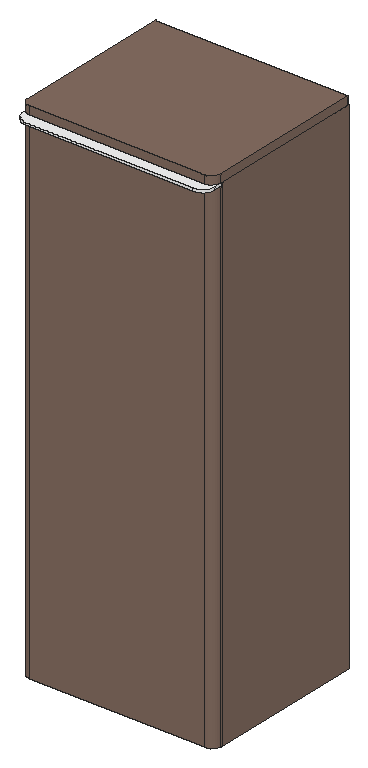
Revit family "mid-height cabinet, door hinge", category Furniture, Revit 2019 (continued)
Definition of nested family "mid-height cabinet 400_350, door hinge left-54127700-high gloss white-matt_white-400_content"
  Parameters (values of type "Mid-height cabinet 400_350, door hinge left-54127700-High Gloss White-MATT_WHITE-400_Content")
    ETIM = "EC011381 | Bathroom furniture set"
    Default Elevation = 1219.2 mm
    DESIGN = "Germany"
    ContentVisible [instance] = yes
    CATALOG = "Hansgrohe"
    BIMOBJECT = "Sanitary: Compound units"
    BASENUMBER = "Mid-height cabinet 400/350, door hinge left"
    ARTNR = "54127700"
  Reference planes
    plane 1 "Center (Front/Back)": y = 0
    plane 2: z = 0
    plane 3 "Center (Left/Right)": x = 0
  Forms (mm)
    Extrusion 1, solid, visible <- "ContentVisible", detail levels medium+fine
      sketch origin (0, 0, 0) x (1, 0, 0) y (0, 1, 0)
        loop
          line (-200, 0) -> (-200, -325)
          arc (-200, -325) -> (-199.121, -327.121) -> (-197, -328) r 3
          line (-197, -328) -> (-184, -328) -> (-184, 0) -> (-200, 0)
      from 0 to 1050
    Extrusion 2, solid, visible <- "ContentVisible", detail levels medium+fine
      sketch origin (0, 0, 0) x (1, 0, 0) y (0, 1, 0)
        loop
          line (-184, -20) -> (-184, -327) -> (184, -327) -> (184, -20) -> (-184, -20)
      from 0 to 1050
    Extrusion 3, solid, visible <- "ContentVisible", detail levels medium+fine
      sketch origin (0, 0, 0) x (1, 0, 0) y (0, 1, 0)
        loop
          line (184, 0) -> (184, -328) -> (197, -328)
          arc (197, -328) -> (199.121, -327.121) -> (200, -325) r 3
          line (200, -325) -> (200, 0) -> (184, 0)
      from 0 to 1050
    Extrusion 4, solid, visible <- "ContentVisible", detail levels medium+fine
      sketch origin (0, 0, 2) x (1, 0, 0) y (0, 1, 0)
        loop
          line (-184, -16) -> (-184, -20) -> (184, -20) -> (184, -16) -> (-184, -16)
      from 0 to 1048
    Extrusion 5, solid, visible <- "ContentVisible", detail levels medium+fine
      sketch origin (0, 0, 2) x (1, 0, 0) y (0, 1, 0)
        loop
          arc (-200, -330) -> (-194.435, -343.435) -> (-181, -349) r 19
          line (-181, -349) -> (181, -349)
          arc (181, -349) -> (194.435, -343.435) -> (200, -330) r 19
          line (200, -330) -> (200, -328) -> (-200, -328) -> (-200, -330)
      from 0 to 1040
    Extrusion 6, solid, visible <- "ContentVisible", detail levels medium+fine
      sketch origin (0, 0, 1042) x (1, 0, 0) y (0, 1, 0)
        loop
          line (-198.5, -328) -> (-198.5, -344)
          arc (-198.5, -344) -> (-191.178, -361.678) -> (-173.5, -369) r 25
          line (-173.5, -369) -> (173.5, -369)
          arc (173.5, -369) -> (191.178, -361.678) -> (198.5, -344) r 25
          line (198.5, -344) -> (198.5, -328) -> (178.5, -328) -> (178.5, -326.5) -> (-178.5, -326.5) -> (-178.5, -328) -> (-198.5, -328)
      from 0 to 5
    Extrusion 7, solid, visible <- "ContentVisible", detail levels medium+fine
      sketch origin (0, 0, 1050) x (1, 0, 0) y (0, 1, 0)
        loop
          line (-200, -1.5) -> (-200, -331)
          arc (-200, -331) -> (-194.728, -343.728) -> (-182, -349) r 18
          line (-182, -349) -> (182, -349)
          arc (182, -349) -> (194.728, -343.728) -> (200, -331) r 18
          line (200, -331) -> (200, -1.5)
          arc (200, -1.5) -> (199.561, -0.439) -> (198.5, 0) r 1.5
          line (198.5, 0) -> (-198.5, 0)
          arc (-198.5, 0) -> (-199.561, -0.439) -> (-200, -1.5) r 1.5
      from 0 to 16
    Extrusion 8, solid, visible <- "ContentVisible", detail levels coarse
      sketch origin (0, -184.5, 0) x (1, 0, 0) y (0, 1, 0)
        loop
          line (-200, -184.5) -> (200, -184.5) -> (200, 184.5) -> (-200, 184.5) -> (-200, -184.5)
      from 0 to 1066
  Dimensions and locks
    aligned and locked: level to plane 2
Definition of nested family "mid-height cabinet 400_350, door hinge left-54128000-diamond matt grey-chrome-200_content"
  Parameters (values of type "Mid-height cabinet 400_350, door hinge left-54128000-Diamond Matt Grey-CHROME-200_Content")
    etim7_EC011381 = "EC011381"
    WEIGHT = "25.3"
    UNSPSC = "56 | Furniture and Furnishings"
    UNIFORMATII = "E2010 | Fixed Furnishings"
    UNICLASS_2015_CODE = "40_30_78_05"
    UNICLASS2015 = "Pr_40_30_78_05 | Bathroom furniture"
    SURFACE = "CHROME"
    SPECIFICATION = "Surfaces:    - 54128000 Chrome  - 54128670 Matt Black  - 54128700 Matt White      Specification:"
    REGIONSET = "Worldwide"
    PRODUCTURL = "https://pro.hansgrohe.com/articledetail--54128000"
    PRODUCTGROUP = "bathroom vanity"
    PRODUCTFAMILY = "Xelu Q"
    PERMALINK = "54128XXX"
    OMNICLASS = "23-21 19 15 33 13 | Residential Bathroom Specialty Casework"
    OBJECTTYPE = "Object (single object)"
    OBERFLAECHE = "Diamond Matt Grey"
    NN = "Mid-height cabinet, door hinge"
    NBSYN = "$BASENUMBER.-$ARTNR.-$OBERFLAECHE.-$SURFACE.-$LODLEVEL."
    NB = "Mid-height cabinet 400/350, door hinge left-54128000-Diamond Matt Grey-CHROME-200"
    NAME = "Xelu Q Mid-height cabinet Diamond Matt Grey 400/350, door hinge left"
    Model = "Mid-height cabinet 400/350, door hinge left-54128000-Diamond Matt Grey-CHROME-200"
    Manufacturer = "Hansgrohe"
    MASTERFORMAT = "12 35 30.23 | Bathroom Casework"
    LODLEVEL = "200"
    LINA = "Mid-height cabinet 400/350, door hinge left-54128000-Diamond Matt Grey-CHROME-200"
    L = 400
    IFC = "Furnishing element"
    GTINCODE = "4059625458143"
    ETIM = "EC011381 | Bathroom furniture set"
    Default Elevation = 1219.2 mm
    DESIGN = "Germany"
    ContentVisible [instance] = yes
    CATALOG = "Hansgrohe"
    BIMOBJECT = "Sanitary: Compound units"
    BASENUMBER = "Mid-height cabinet 400/350, door hinge left"
    ARTNR = "54128000"
  Reference planes
    plane 1 "Center (Front/Back)": y = 0
    plane 2: z = 0
    plane 3 "Center (Left/Right)": x = 0
  Forms (mm)
    Extrusion 1, solid, visible <- "ContentVisible", detail levels medium+fine
      sketch origin (0, 0, 0) x (1, 0, 0) y (0, 1, 0)
        loop
          line (-200, 0) -> (-200, -349) -> (200, -349) -> (200, 0) -> (-200, 0)
      from 0 to 1066
    Extrusion 2, solid, visible <- "ContentVisible", detail levels medium+fine
      sketch origin (0, 0, 1042) x (1, 0, 0) y (0, 1, 0)
        loop
          line (-198.5, -328) -> (-198.5, -369) -> (198.5, -369) -> (198.5, -328) -> (178.5, -328) -> (178.5, -326.5) -> (-178.5, -326.5) -> (-178.5, -328) -> (-198.5, -328)
      from 0 to 5
    Extrusion 3, solid, visible <- "ContentVisible", detail levels coarse
      sketch origin (0, -184.5, 0) x (1, 0, 0) y (0, 1, 0)
        loop
          line (-200, -184.5) -> (200, -184.5) -> (200, 184.5) -> (-200, 184.5) -> (-200, -184.5)
      from 0 to 1066
  Dimensions and locks
    aligned and locked: level to plane 2
Definition of nested family "mid-height cabinet 400_350, door hinge left-54128000-diamond matt grey-chrome-400_content"
  Parameters (values of type "Mid-height cabinet 400_350, door hinge left-54128000-Diamond Matt Grey-CHROME-400_Content")
    etim7_EC011381 = "EC011381"
    WEIGHT = "25.3"
    UNSPSC = "56 | Furniture and Furnishings"
    UNIFORMATII = "E2010 | Fixed Furnishings"
    UNICLASS_2015_CODE = "40_30_78_05"
    UNICLASS2015 = "Pr_40_30_78_05 | Bathroom furniture"
    SURFACE = "CHROME"
    SPECIFICATION = "Surfaces:    - 54128000 Chrome  - 54128670 Matt Black  - 54128700 Matt White      Specification:"
    REGIONSET = "Worldwide"
    PRODUCTURL = "https://pro.hansgrohe.com/articledetail--54128000"
    PRODUCTGROUP = "bathroom vanity"
    PRODUCTFAMILY = "Xelu Q"
    PERMALINK = "54128XXX"
    OMNICLASS = "23-21 19 15 33 13 | Residential Bathroom Specialty Casework"
    OBJECTTYPE = "Object (single object)"
    OBERFLAECHE = "Diamond Matt Grey"
    NN = "Mid-height cabinet, door hinge"
    NBSYN = "$BASENUMBER.-$ARTNR.-$OBERFLAECHE.-$SURFACE.-$LODLEVEL."
    NB = "Mid-height cabinet 400/350, door hinge left-54128000-Diamond Matt Grey-CHROME-400"
    NAME = "Xelu Q Mid-height cabinet Diamond Matt Grey 400/350, door hinge left"
    Model = "Mid-height cabinet 400/350, door hinge left-54128000-Diamond Matt Grey-CHROME-400"
    Manufacturer = "Hansgrohe"
    MASTERFORMAT = "12 35 30.23 | Bathroom Casework"
    LODLEVEL = "400"
    LINA = "Mid-height cabinet 400/350, door hinge left-54128000-Diamond Matt Grey-CHROME-400"
    L = 400
    IFC = "Furnishing element"
    GTINCODE = "4059625458143"
    ETIM = "EC011381 | Bathroom furniture set"
    Default Elevation = 1219.2 mm
    DESIGN = "Germany"
    ContentVisible [instance] = yes
    CATALOG = "Hansgrohe"
    BIMOBJECT = "Sanitary: Compound units"
    BASENUMBER = "Mid-height cabinet 400/350, door hinge left"
    ARTNR = "54128000"
  Reference planes
    plane 1 "Center (Front/Back)": y = 0
    plane 2: z = 0
    plane 3 "Center (Left/Right)": x = 0
  Forms (mm)
    Extrusion 1, solid, visible <- "ContentVisible", detail levels medium+fine
      sketch origin (0, 0, 0) x (1, 0, 0) y (0, 1, 0)
        loop
          line (-200, 0) -> (-200, -325)
          arc (-200, -325) -> (-199.121, -327.121) -> (-197, -328) r 3
          line (-197, -328) -> (-184, -328) -> (-184, 0) -> (-200, 0)
      from 0 to 1050
    Extrusion 2, solid, visible <- "ContentVisible", detail levels medium+fine
      sketch origin (0, 0, 0) x (1, 0, 0) y (0, 1, 0)
        loop
          line (-184, -20) -> (-184, -327) -> (184, -327) -> (184, -20) -> (-184, -20)
      from 0 to 1050
    Extrusion 3, solid, visible <- "ContentVisible", detail levels medium+fine
      sketch origin (0, 0, 0) x (1, 0, 0) y (0, 1, 0)
        loop
          line (184, 0) -> (184, -328) -> (197, -328)
          arc (197, -328) -> (199.121, -327.121) -> (200, -325) r 3
          line (200, -325) -> (200, 0) -> (184, 0)
      from 0 to 1050
    Extrusion 4, solid, visible <- "ContentVisible", detail levels medium+fine
      sketch origin (0, 0, 2) x (1, 0, 0) y (0, 1, 0)
        loop
          line (-184, -16) -> (-184, -20) -> (184, -20) -> (184, -16) -> (-184, -16)
      from 0 to 1048
    Extrusion 5, solid, visible <- "ContentVisible", detail levels medium+fine
      sketch origin (0, 0, 2) x (1, 0, 0) y (0, 1, 0)
        loop
          arc (-200, -330) -> (-194.435, -343.435) -> (-181, -349) r 19
          line (-181, -349) -> (181, -349)
          arc (181, -349) -> (194.435, -343.435) -> (200, -330) r 19
          line (200, -330) -> (200, -328) -> (-200, -328) -> (-200, -330)
      from 0 to 1040
    Extrusion 6, solid, visible <- "ContentVisible", detail levels medium+fine
      sketch origin (0, 0, 1042) x (1, 0, 0) y (0, 1, 0)
        loop
          line (-198.5, -328) -> (-198.5, -344)
          arc (-198.5, -344) -> (-191.178, -361.678) -> (-173.5, -369) r 25
          line (-173.5, -369) -> (173.5, -369)
          arc (173.5, -369) -> (191.178, -361.678) -> (198.5, -344) r 25
          line (198.5, -344) -> (198.5, -328) -> (178.5, -328) -> (178.5, -326.5) -> (-178.5, -326.5) -> (-178.5, -328) -> (-198.5, -328)
      from 0 to 5
    Extrusion 7, solid, visible <- "ContentVisible", detail levels medium+fine
      sketch origin (0, 0, 1050) x (1, 0, 0) y (0, 1, 0)
        loop
          line (-200, -1.5) -> (-200, -331)
          arc (-200, -331) -> (-194.728, -343.728) -> (-182, -349) r 18
          line (-182, -349) -> (182, -349)
          arc (182, -349) -> (194.728, -343.728) -> (200, -331) r 18
          line (200, -331) -> (200, -1.5)
          arc (200, -1.5) -> (199.561, -0.439) -> (198.5, 0) r 1.5
          line (198.5, 0) -> (-198.5, 0)
          arc (-198.5, 0) -> (-199.561, -0.439) -> (-200, -1.5) r 1.5
      from 0 to 16
    Extrusion 8, solid, visible <- "ContentVisible", detail levels coarse
      sketch origin (0, -184.5, 0) x (1, 0, 0) y (0, 1, 0)
        loop
          line (-200, -184.5) -> (200, -184.5) -> (200, 184.5) -> (-200, 184.5) -> (-200, -184.5)
      from 0 to 1066
  Dimensions and locks
    aligned and locked: level to plane 2
Definition of nested family "mid-height cabinet 400_350, door hinge left-54128670-diamond matt grey-matt_black-200_content"
  Parameters (values of type "Mid-height cabinet 400_350, door hinge left-54128670-Diamond Matt Grey-MATT_BLACK-200_Content")
    etim7_EC011381 = "EC011381"
    WEIGHT = "25.3"
    UNSPSC = "56 | Furniture and Furnishings"
    UNIFORMATII = "E2010 | Fixed Furnishings"
    UNICLASS_2015_CODE = "40_30_78_05"
    UNICLASS2015 = "Pr_40_30_78_05 | Bathroom furniture"
    SURFACE = "MATT_BLACK"
    SPECIFICATION = "Surfaces:    - 54128000 Chrome  - 54128670 Matt Black  - 54128700 Matt White      Specification:"
    REGIONSET = "Worldwide"
    PRODUCTURL = "https://pro.hansgrohe.com/articledetail--54128000"
    PRODUCTGROUP = "bathroom vanity"
    PRODUCTFAMILY = "Xelu Q"
    PERMALINK = "54128XXX"
    OMNICLASS = "23-21 19 15 33 13 | Residential Bathroom Specialty Casework"
    OBJECTTYPE = "Object (single object)"
    OBERFLAECHE = "Diamond Matt Grey"
    NN = "Mid-height cabinet, door hinge"
    NBSYN = "$BASENUMBER.-$ARTNR.-$OBERFLAECHE.-$SURFACE.-$LODLEVEL."
    NB = "Mid-height cabinet 400/350, door hinge left-54128670-Diamond Matt Grey-MATT_BLACK-200"
    NAME = "Xelu Q Mid-height cabinet Diamond Matt Grey 400/350, door hinge left"
    Model = "Mid-height cabinet 400/350, door hinge left-54128670-Diamond Matt Grey-MATT_BLACK-200"
    Manufacturer = "Hansgrohe"
    MASTERFORMAT = "12 35 30.23 | Bathroom Casework"
    LODLEVEL = "200"
    LINA = "Mid-height cabinet 400/350, door hinge left-54128670-Diamond Matt Grey-MATT_BLACK-200"
    L = 400
    IFC = "Furnishing element"
    GTINCODE = "4059625458143"
    ETIM = "EC011381 | Bathroom furniture set"
    Default Elevation = 1219.2 mm
    DESIGN = "Germany"
    ContentVisible [instance] = yes
    CATALOG = "Hansgrohe"
    BIMOBJECT = "Sanitary: Compound units"
    BASENUMBER = "Mid-height cabinet 400/350, door hinge left"
    ARTNR = "54128670"
  Reference planes
    plane 1 "Center (Front/Back)": y = 0
    plane 2: z = 0
    plane 3 "Center (Left/Right)": x = 0
  Forms (mm)
    Extrusion 1, solid, visible <- "ContentVisible", detail levels medium+fine
      sketch origin (0, 0, 0) x (1, 0, 0) y (0, 1, 0)
        loop
          line (-200, 0) -> (-200, -349) -> (200, -349) -> (200, 0) -> (-200, 0)
      from 0 to 1066
    Extrusion 2, solid, visible <- "ContentVisible", detail levels medium+fine
      sketch origin (0, 0, 1042) x (1, 0, 0) y (0, 1, 0)
        loop
          line (-198.5, -328) -> (-198.5, -369) -> (198.5, -369) -> (198.5, -328) -> (178.5, -328) -> (178.5, -326.5) -> (-178.5, -326.5) -> (-178.5, -328) -> (-198.5, -328)
      from 0 to 5
    Extrusion 3, solid, visible <- "ContentVisible", detail levels coarse
      sketch origin (0, -184.5, 0) x (1, 0, 0) y (0, 1, 0)
        loop
          line (-200, -184.5) -> (200, -184.5) -> (200, 184.5) -> (-200, 184.5) -> (-200, -184.5)
      from 0 to 1066
  Dimensions and locks
    aligned and locked: level to plane 2
Definition of nested family "mid-height cabinet 400_350, door hinge left-54128670-diamond matt grey-matt_black-400_content"
  Parameters (values of type "Mid-height cabinet 400_350, door hinge left-54128670-Diamond Matt Grey-MATT_BLACK-400_Content")
    etim7_EC011381 = "EC011381"
    WEIGHT = "25.3"
    UNSPSC = "56 | Furniture and Furnishings"
    UNIFORMATII = "E2010 | Fixed Furnishings"
    UNICLASS_2015_CODE = "40_30_78_05"
    UNICLASS2015 = "Pr_40_30_78_05 | Bathroom furniture"
    SURFACE = "MATT_BLACK"
    SPECIFICATION = "Surfaces:    - 54128000 Chrome  - 54128670 Matt Black  - 54128700 Matt White      Specification:"
    REGIONSET = "Worldwide"
    PRODUCTURL = "https://pro.hansgrohe.com/articledetail--54128000"
    PRODUCTGROUP = "bathroom vanity"
    PRODUCTFAMILY = "Xelu Q"
    PERMALINK = "54128XXX"
    OMNICLASS = "23-21 19 15 33 13 | Residential Bathroom Specialty Casework"
    OBJECTTYPE = "Object (single object)"
    OBERFLAECHE = "Diamond Matt Grey"
    NN = "Mid-height cabinet, door hinge"
    NBSYN = "$BASENUMBER.-$ARTNR.-$OBERFLAECHE.-$SURFACE.-$LODLEVEL."
    NB = "Mid-height cabinet 400/350, door hinge left-54128670-Diamond Matt Grey-MATT_BLACK-400"
    NAME = "Xelu Q Mid-height cabinet Diamond Matt Grey 400/350, door hinge left"
    Model = "Mid-height cabinet 400/350, door hinge left-54128670-Diamond Matt Grey-MATT_BLACK-400"
    Manufacturer = "Hansgrohe"
    MASTERFORMAT = "12 35 30.23 | Bathroom Casework"
    LODLEVEL = "400"
    LINA = "Mid-height cabinet 400/350, door hinge left-54128670-Diamond Matt Grey-MATT_BLACK-400"
    L = 400
    IFC = "Furnishing element"
    GTINCODE = "4059625458143"
    ETIM = "EC011381 | Bathroom furniture set"
    Default Elevation = 1219.2 mm
    DESIGN = "Germany"
    ContentVisible [instance] = yes
    CATALOG = "Hansgrohe"
    BIMOBJECT = "Sanitary: Compound units"
    BASENUMBER = "Mid-height cabinet 400/350, door hinge left"
    ARTNR = "54128670"
  Reference planes
    plane 1 "Center (Front/Back)": y = 0
    plane 2: z = 0
    plane 3 "Center (Left/Right)": x = 0
  Forms (mm)
    Extrusion 1, solid, visible <- "ContentVisible", detail levels medium+fine
      sketch origin (0, 0, 0) x (1, 0, 0) y (0, 1, 0)
        loop
          line (-200, 0) -> (-200, -325)
          arc (-200, -325) -> (-199.121, -327.121) -> (-197, -328) r 3
          line (-197, -328) -> (-184, -328) -> (-184, 0) -> (-200, 0)
      from 0 to 1050
    Extrusion 2, solid, visible <- "ContentVisible", detail levels medium+fine
      sketch origin (0, 0, 0) x (1, 0, 0) y (0, 1, 0)
        loop
          line (-184, -20) -> (-184, -327) -> (184, -327) -> (184, -20) -> (-184, -20)
      from 0 to 1050
    Extrusion 3, solid, visible <- "ContentVisible", detail levels medium+fine
      sketch origin (0, 0, 0) x (1, 0, 0) y (0, 1, 0)
        loop
          line (184, 0) -> (184, -328) -> (197, -328)
          arc (197, -328) -> (199.121, -327.121) -> (200, -325) r 3
          line (200, -325) -> (200, 0) -> (184, 0)
      from 0 to 1050
    Extrusion 4, solid, visible <- "ContentVisible", detail levels medium+fine
      sketch origin (0, 0, 2) x (1, 0, 0) y (0, 1, 0)
        loop
          line (-184, -16) -> (-184, -20) -> (184, -20) -> (184, -16) -> (-184, -16)
      from 0 to 1048
    Extrusion 5, solid, visible <- "ContentVisible", detail levels medium+fine
      sketch origin (0, 0, 2) x (1, 0, 0) y (0, 1, 0)
        loop
          arc (-200, -330) -> (-194.435, -343.435) -> (-181, -349) r 19
          line (-181, -349) -> (181, -349)
          arc (181, -349) -> (194.435, -343.435) -> (200, -330) r 19
          line (200, -330) -> (200, -328) -> (-200, -328) -> (-200, -330)
      from 0 to 1040
    Extrusion 6, solid, visible <- "ContentVisible", detail levels medium+fine
      sketch origin (0, 0, 1042) x (1, 0, 0) y (0, 1, 0)
        loop
          line (-198.5, -328) -> (-198.5, -344)
          arc (-198.5, -344) -> (-191.178, -361.678) -> (-173.5, -369) r 25
          line (-173.5, -369) -> (173.5, -369)
          arc (173.5, -369) -> (191.178, -361.678) -> (198.5, -344) r 25
          line (198.5, -344) -> (198.5, -328) -> (178.5, -328) -> (178.5, -326.5) -> (-178.5, -326.5) -> (-178.5, -328) -> (-198.5, -328)
      from 0 to 5
    Extrusion 7, solid, visible <- "ContentVisible", detail levels medium+fine
      sketch origin (0, 0, 1050) x (1, 0, 0) y (0, 1, 0)
        loop
          line (-200, -1.5) -> (-200, -331)
          arc (-200, -331) -> (-194.728, -343.728) -> (-182, -349) r 18
          line (-182, -349) -> (182, -349)
          arc (182, -349) -> (194.728, -343.728) -> (200, -331) r 18
          line (200, -331) -> (200, -1.5)
          arc (200, -1.5) -> (199.561, -0.439) -> (198.5, 0) r 1.5
          line (198.5, 0) -> (-198.5, 0)
          arc (-198.5, 0) -> (-199.561, -0.439) -> (-200, -1.5) r 1.5
      from 0 to 16
    Extrusion 8, solid, visible <- "ContentVisible", detail levels coarse
      sketch origin (0, -184.5, 0) x (1, 0, 0) y (0, 1, 0)
        loop
          line (-200, -184.5) -> (200, -184.5) -> (200, 184.5) -> (-200, 184.5) -> (-200, -184.5)
      from 0 to 1066
  Dimensions and locks
    aligned and locked: level to plane 2
Definition of nested family "mid-height cabinet 400_350, door hinge left-54128700-diamond matt grey-matt_white-200_content"
  Parameters (values of type "Mid-height cabinet 400_350, door hinge left-54128700-Diamond Matt Grey-MATT_WHITE-200_Content")
    etim7_EC011381 = "EC011381"
    WEIGHT = "25.3"
    UNSPSC = "56 | Furniture and Furnishings"
    UNIFORMATII = "E2010 | Fixed Furnishings"
    UNICLASS_2015_CODE = "40_30_78_05"
    UNICLASS2015 = "Pr_40_30_78_05 | Bathroom furniture"
    SURFACE = "MATT_WHITE"
    SPECIFICATION = "Surfaces:    - 54128000 Chrome  - 54128670 Matt Black  - 54128700 Matt White      Specification:"
    REGIONSET = "Worldwide"
    PRODUCTURL = "https://pro.hansgrohe.com/articledetail--54128000"
    PRODUCTGROUP = "bathroom vanity"
    PRODUCTFAMILY = "Xelu Q"
    PERMALINK = "54128XXX"
    OMNICLASS = "23-21 19 15 33 13 | Residential Bathroom Specialty Casework"
    OBJECTTYPE = "Object (single object)"
    OBERFLAECHE = "Diamond Matt Grey"
    NN = "Mid-height cabinet, door hinge"
    NBSYN = "$BASENUMBER.-$ARTNR.-$OBERFLAECHE.-$SURFACE.-$LODLEVEL."
    NB = "Mid-height cabinet 400/350, door hinge left-54128700-Diamond Matt Grey-MATT_WHITE-200"
    NAME = "Xelu Q Mid-height cabinet Diamond Matt Grey 400/350, door hinge left"
    Model = "Mid-height cabinet 400/350, door hinge left-54128700-Diamond Matt Grey-MATT_WHITE-200"
    Manufacturer = "Hansgrohe"
    MASTERFORMAT = "12 35 30.23 | Bathroom Casework"
    LODLEVEL = "200"
    LINA = "Mid-height cabinet 400/350, door hinge left-54128700-Diamond Matt Grey-MATT_WHITE-200"
    L = 400
    IFC = "Furnishing element"
    GTINCODE = "4059625458143"
    ETIM = "EC011381 | Bathroom furniture set"
    Default Elevation = 1219.2 mm
    DESIGN = "Germany"
    ContentVisible [instance] = yes
    CATALOG = "Hansgrohe"
    BIMOBJECT = "Sanitary: Compound units"
    BASENUMBER = "Mid-height cabinet 400/350, door hinge left"
    ARTNR = "54128700"
  Reference planes
    plane 1 "Center (Front/Back)": y = 0
    plane 2: z = 0
    plane 3 "Center (Left/Right)": x = 0
  Forms (mm)
    Extrusion 1, solid, visible <- "ContentVisible", detail levels medium+fine
      sketch origin (0, 0, 0) x (1, 0, 0) y (0, 1, 0)
        loop
          line (-200, 0) -> (-200, -349) -> (200, -349) -> (200, 0) -> (-200, 0)
      from 0 to 1066
    Extrusion 2, solid, visible <- "ContentVisible", detail levels medium+fine
      sketch origin (0, 0, 1042) x (1, 0, 0) y (0, 1, 0)
        loop
          line (-198.5, -328) -> (-198.5, -369) -> (198.5, -369) -> (198.5, -328) -> (178.5, -328) -> (178.5, -326.5) -> (-178.5, -326.5) -> (-178.5, -328) -> (-198.5, -328)
      from 0 to 5
    Extrusion 3, solid, visible <- "ContentVisible", detail levels coarse
      sketch origin (0, -184.5, 0) x (1, 0, 0) y (0, 1, 0)
        loop
          line (-200, -184.5) -> (200, -184.5) -> (200, 184.5) -> (-200, 184.5) -> (-200, -184.5)
      from 0 to 1066
  Dimensions and locks
    aligned and locked: level to plane 2
Definition of nested family "mid-height cabinet 400_350, door hinge left-54128700-diamond matt grey-matt_white-400_content"
  Parameters (values of type "Mid-height cabinet 400_350, door hinge left-54128700-Diamond Matt Grey-MATT_WHITE-400_Content")
    etim7_EC011381 = "EC011381"
    WEIGHT = "25.3"
    UNSPSC = "56 | Furniture and Furnishings"
    UNIFORMATII = "E2010 | Fixed Furnishings"
    UNICLASS_2015_CODE = "40_30_78_05"
    UNICLASS2015 = "Pr_40_30_78_05 | Bathroom furniture"
    SURFACE = "MATT_WHITE"
    SPECIFICATION = "Surfaces:    - 54128000 Chrome  - 54128670 Matt Black  - 54128700 Matt White      Specification:"
    REGIONSET = "Worldwide"
    PRODUCTURL = "https://pro.hansgrohe.com/articledetail--54128000"
    PRODUCTGROUP = "bathroom vanity"
    PRODUCTFAMILY = "Xelu Q"
    PERMALINK = "54128XXX"
    OMNICLASS = "23-21 19 15 33 13 | Residential Bathroom Specialty Casework"
    OBJECTTYPE = "Object (single object)"
    OBERFLAECHE = "Diamond Matt Grey"
    NN = "Mid-height cabinet, door hinge"
    NBSYN = "$BASENUMBER.-$ARTNR.-$OBERFLAECHE.-$SURFACE.-$LODLEVEL."
    NB = "Mid-height cabinet 400/350, door hinge left-54128700-Diamond Matt Grey-MATT_WHITE-400"
    NAME = "Xelu Q Mid-height cabinet Diamond Matt Grey 400/350, door hinge left"
    Model = "Mid-height cabinet 400/350, door hinge left-54128700-Diamond Matt Grey-MATT_WHITE-400"
    Manufacturer = "Hansgrohe"
    MASTERFORMAT = "12 35 30.23 | Bathroom Casework"
    LODLEVEL = "400"
    LINA = "Mid-height cabinet 400/350, door hinge left-54128700-Diamond Matt Grey-MATT_WHITE-400"
    L = 400
    IFC = "Furnishing element"
    GTINCODE = "4059625458143"
    ETIM = "EC011381 | Bathroom furniture set"
    Default Elevation = 1219.2 mm
    DESIGN = "Germany"
    ContentVisible [instance] = yes
    CATALOG = "Hansgrohe"
    BIMOBJECT = "Sanitary: Compound units"
    BASENUMBER = "Mid-height cabinet 400/350, door hinge left"
    ARTNR = "54128700"
  Reference planes
    plane 1 "Center (Front/Back)": y = 0
    plane 2: z = 0
    plane 3 "Center (Left/Right)": x = 0
  Forms (mm)
    Extrusion 1, solid, visible <- "ContentVisible", detail levels medium+fine
      sketch origin (0, 0, 0) x (1, 0, 0) y (0, 1, 0)
        loop
          line (-200, 0) -> (-200, -325)
          arc (-200, -325) -> (-199.121, -327.121) -> (-197, -328) r 3
          line (-197, -328) -> (-184, -328) -> (-184, 0) -> (-200, 0)
      from 0 to 1050
    Extrusion 2, solid, visible <- "ContentVisible", detail levels medium+fine
      sketch origin (0, 0, 0) x (1, 0, 0) y (0, 1, 0)
        loop
          line (-184, -20) -> (-184, -327) -> (184, -327) -> (184, -20) -> (-184, -20)
      from 0 to 1050
    Extrusion 3, solid, visible <- "ContentVisible", detail levels medium+fine
      sketch origin (0, 0, 0) x (1, 0, 0) y (0, 1, 0)
        loop
          line (184, 0) -> (184, -328) -> (197, -328)
          arc (197, -328) -> (199.121, -327.121) -> (200, -325) r 3
          line (200, -325) -> (200, 0) -> (184, 0)
      from 0 to 1050
    Extrusion 4, solid, visible <- "ContentVisible", detail levels medium+fine
      sketch origin (0, 0, 2) x (1, 0, 0) y (0, 1, 0)
        loop
          line (-184, -16) -> (-184, -20) -> (184, -20) -> (184, -16) -> (-184, -16)
      from 0 to 1048
    Extrusion 5, solid, visible <- "ContentVisible", detail levels medium+fine
      sketch origin (0, 0, 2) x (1, 0, 0) y (0, 1, 0)
        loop
          arc (-200, -330) -> (-194.435, -343.435) -> (-181, -349) r 19
          line (-181, -349) -> (181, -349)
          arc (181, -349) -> (194.435, -343.435) -> (200, -330) r 19
          line (200, -330) -> (200, -328) -> (-200, -328) -> (-200, -330)
      from 0 to 1040
    Extrusion 6, solid, visible <- "ContentVisible", detail levels medium+fine
      sketch origin (0, 0, 1042) x (1, 0, 0) y (0, 1, 0)
        loop
          line (-198.5, -328) -> (-198.5, -344)
          arc (-198.5, -344) -> (-191.178, -361.678) -> (-173.5, -369) r 25
          line (-173.5, -369) -> (173.5, -369)
          arc (173.5, -369) -> (191.178, -361.678) -> (198.5, -344) r 25
          line (198.5, -344) -> (198.5, -328) -> (178.5, -328) -> (178.5, -326.5) -> (-178.5, -326.5) -> (-178.5, -328) -> (-198.5, -328)
      from 0 to 5
    Extrusion 7, solid, visible <- "ContentVisible", detail levels medium+fine
      sketch origin (0, 0, 1050) x (1, 0, 0) y (0, 1, 0)
        loop
          line (-200, -1.5) -> (-200, -331)
          arc (-200, -331) -> (-194.728, -343.728) -> (-182, -349) r 18
          line (-182, -349) -> (182, -349)
          arc (182, -349) -> (194.728, -343.728) -> (200, -331) r 18
          line (200, -331) -> (200, -1.5)
          arc (200, -1.5) -> (199.561, -0.439) -> (198.5, 0) r 1.5
          line (198.5, 0) -> (-198.5, 0)
          arc (-198.5, 0) -> (-199.561, -0.439) -> (-200, -1.5) r 1.5
      from 0 to 16
    Extrusion 8, solid, visible <- "ContentVisible", detail levels coarse
      sketch origin (0, -184.5, 0) x (1, 0, 0) y (0, 1, 0)
        loop
          line (-200, -184.5) -> (200, -184.5) -> (200, 184.5) -> (-200, 184.5) -> (-200, -184.5)
      from 0 to 1066
  Dimensions and locks
    aligned and locked: level to plane 2
Definition of nested family "mid-height cabinet 400_350, door hinge left-54129000-natural oak-chrome-200_content"
  Parameters (values of type "Mid-height cabinet 400_350, door hinge left-54129000-Natural Oak-CHROME-200_Content")
    etim7_EC011381 = "EC011381"
    WEIGHT = "25.3"
    UNSPSC = "56 | Furniture and Furnishings"
    UNIFORMATII = "E2010 | Fixed Furnishings"
    UNICLASS_2015_CODE = "40_30_78_05"
    UNICLASS2015 = "Pr_40_30_78_05 | Bathroom furniture"
    SURFACE = "CHROME"
    SPECIFICATION = "Surfaces:    - 54129000 Chrome  - 54129670 Matt Black  - 54129700 Matt White      Specification:"
    REGIONSET = "Worldwide"
    PRODUCTURL = "https://pro.hansgrohe.com/articledetail--54129000"
    PRODUCTGROUP = "bathroom vanity"
    PRODUCTFAMILY = "Xelu Q"
    PERMALINK = "54129XXX"
    OMNICLASS = "23-21 19 15 33 13 | Residential Bathroom Specialty Casework"
    OBJECTTYPE = "Object (single object)"
    OBERFLAECHE = "Natural Oak"
    NN = "Mid-height cabinet, door hinge"
    NBSYN = "$BASENUMBER.-$ARTNR.-$OBERFLAECHE.-$SURFACE.-$LODLEVEL."
    NB = "Mid-height cabinet 400/350, door hinge left-54129000-Natural Oak-CHROME-200"
    NAME = "Xelu Q Mid-height cabinet Natural Oak 400/350, door hinge left"
    Model = "Mid-height cabinet 400/350, door hinge left-54129000-Natural Oak-CHROME-200"
    Manufacturer = "Hansgrohe"
    MASTERFORMAT = "12 35 30.23 | Bathroom Casework"
    LODLEVEL = "200"
    LINA = "Mid-height cabinet 400/350, door hinge left-54129000-Natural Oak-CHROME-200"
    L = 400
    IFC = "Furnishing element"
    GTINCODE = "4059625458112"
    ETIM = "EC011381 | Bathroom furniture set"
    Default Elevation = 1219.2 mm
    DESIGN = "Germany"
    ContentVisible [instance] = yes
    CATALOG = "Hansgrohe"
    BIMOBJECT = "Sanitary: Compound units"
    BASENUMBER = "Mid-height cabinet 400/350, door hinge left"
    ARTNR = "54129000"
  Reference planes
    plane 1 "Center (Front/Back)": y = 0
    plane 2: z = 0
    plane 3 "Center (Left/Right)": x = 0
  Forms (mm)
    Extrusion 1, solid, visible <- "ContentVisible", detail levels medium+fine
      sketch origin (0, 0, 0) x (1, 0, 0) y (0, 1, 0)
        loop
          line (-200, 0) -> (-200, -349) -> (200, -349) -> (200, 0) -> (-200, 0)
      from 0 to 1066
    Extrusion 2, solid, visible <- "ContentVisible", detail levels medium+fine
      sketch origin (0, 0, 1042) x (1, 0, 0) y (0, 1, 0)
        loop
          line (-198.5, -328) -> (-198.5, -369) -> (198.5, -369) -> (198.5, -328) -> (178.5, -328) -> (178.5, -326.5) -> (-178.5, -326.5) -> (-178.5, -328) -> (-198.5, -328)
      from 0 to 5
    Extrusion 3, solid, visible <- "ContentVisible", detail levels coarse
      sketch origin (0, -184.5, 0) x (1, 0, 0) y (0, 1, 0)
        loop
          line (-200, -184.5) -> (200, -184.5) -> (200, 184.5) -> (-200, 184.5) -> (-200, -184.5)
      from 0 to 1066
  Dimensions and locks
    aligned and locked: level to plane 2
Definition of nested family "mid-height cabinet 400_350, door hinge left-54129000-natural oak-chrome-400_content"
  Parameters (values of type "Mid-height cabinet 400_350, door hinge left-54129000-Natural Oak-CHROME-400_Content")
    etim7_EC011381 = "EC011381"
    WEIGHT = "25.3"
    UNSPSC = "56 | Furniture and Furnishings"
    UNIFORMATII = "E2010 | Fixed Furnishings"
    UNICLASS_2015_CODE = "40_30_78_05"
    UNICLASS2015 = "Pr_40_30_78_05 | Bathroom furniture"
    SURFACE = "CHROME"
    SPECIFICATION = "Surfaces:    - 54129000 Chrome  - 54129670 Matt Black  - 54129700 Matt White      Specification:"
    REGIONSET = "Worldwide"
    PRODUCTURL = "https://pro.hansgrohe.com/articledetail--54129000"
    PRODUCTGROUP = "bathroom vanity"
    PRODUCTFAMILY = "Xelu Q"
    PERMALINK = "54129XXX"
    OMNICLASS = "23-21 19 15 33 13 | Residential Bathroom Specialty Casework"
    OBJECTTYPE = "Object (single object)"
    OBERFLAECHE = "Natural Oak"
    NN = "Mid-height cabinet, door hinge"
    NBSYN = "$BASENUMBER.-$ARTNR.-$OBERFLAECHE.-$SURFACE.-$LODLEVEL."
    NB = "Mid-height cabinet 400/350, door hinge left-54129000-Natural Oak-CHROME-400"
    NAME = "Xelu Q Mid-height cabinet Natural Oak 400/350, door hinge left"
    Model = "Mid-height cabinet 400/350, door hinge left-54129000-Natural Oak-CHROME-400"
    Manufacturer = "Hansgrohe"
    MASTERFORMAT = "12 35 30.23 | Bathroom Casework"
    LODLEVEL = "400"
    LINA = "Mid-height cabinet 400/350, door hinge left-54129000-Natural Oak-CHROME-400"
    L = 400
    IFC = "Furnishing element"
    GTINCODE = "4059625458112"
    ETIM = "EC011381 | Bathroom furniture set"
    Default Elevation = 1219.2 mm
    DESIGN = "Germany"
    ContentVisible [instance] = yes
    CATALOG = "Hansgrohe"
    BIMOBJECT = "Sanitary: Compound units"
    BASENUMBER = "Mid-height cabinet 400/350, door hinge left"
    ARTNR = "54129000"
  Reference planes
    plane 1 "Center (Front/Back)": y = 0
    plane 2: z = 0
    plane 3 "Center (Left/Right)": x = 0
  Forms (mm)
    Extrusion 1, solid, visible <- "ContentVisible", detail levels medium+fine
      sketch origin (0, 0, 0) x (1, 0, 0) y (0, 1, 0)
        loop
          line (-200, 0) -> (-200, -325)
          arc (-200, -325) -> (-199.121, -327.121) -> (-197, -328) r 3
          line (-197, -328) -> (-184, -328) -> (-184, 0) -> (-200, 0)
      from 0 to 1050
    Extrusion 2, solid, visible <- "ContentVisible", detail levels medium+fine
      sketch origin (0, 0, 0) x (1, 0, 0) y (0, 1, 0)
        loop
          line (-184, -20) -> (-184, -327) -> (184, -327) -> (184, -20) -> (-184, -20)
      from 0 to 1050
    Extrusion 3, solid, visible <- "ContentVisible", detail levels medium+fine
      sketch origin (0, 0, 0) x (1, 0, 0) y (0, 1, 0)
        loop
          line (184, 0) -> (184, -328) -> (197, -328)
          arc (197, -328) -> (199.121, -327.121) -> (200, -325) r 3
          line (200, -325) -> (200, 0) -> (184, 0)
      from 0 to 1050
    Extrusion 4, solid, visible <- "ContentVisible", detail levels medium+fine
      sketch origin (0, 0, 2) x (1, 0, 0) y (0, 1, 0)
        loop
          line (-184, -16) -> (-184, -20) -> (184, -20) -> (184, -16) -> (-184, -16)
      from 0 to 1048
    Extrusion 5, solid, visible <- "ContentVisible", detail levels medium+fine
      sketch origin (0, 0, 2) x (1, 0, 0) y (0, 1, 0)
        loop
          arc (-200, -330) -> (-194.435, -343.435) -> (-181, -349) r 19
          line (-181, -349) -> (181, -349)
          arc (181, -349) -> (194.435, -343.435) -> (200, -330) r 19
          line (200, -330) -> (200, -328) -> (-200, -328) -> (-200, -330)
      from 0 to 1040
    Extrusion 6, solid, visible <- "ContentVisible", detail levels medium+fine
      sketch origin (0, 0, 1042) x (1, 0, 0) y (0, 1, 0)
        loop
          line (-198.5, -328) -> (-198.5, -344)
          arc (-198.5, -344) -> (-191.178, -361.678) -> (-173.5, -369) r 25
          line (-173.5, -369) -> (173.5, -369)
          arc (173.5, -369) -> (191.178, -361.678) -> (198.5, -344) r 25
          line (198.5, -344) -> (198.5, -328) -> (178.5, -328) -> (178.5, -326.5) -> (-178.5, -326.5) -> (-178.5, -328) -> (-198.5, -328)
      from 0 to 5
    Extrusion 7, solid, visible <- "ContentVisible", detail levels medium+fine
      sketch origin (0, 0, 1050) x (1, 0, 0) y (0, 1, 0)
        loop
          line (-200, -1.5) -> (-200, -331)
          arc (-200, -331) -> (-194.728, -343.728) -> (-182, -349) r 18
          line (-182, -349) -> (182, -349)
          arc (182, -349) -> (194.728, -343.728) -> (200, -331) r 18
          line (200, -331) -> (200, -1.5)
          arc (200, -1.5) -> (199.561, -0.439) -> (198.5, 0) r 1.5
          line (198.5, 0) -> (-198.5, 0)
          arc (-198.5, 0) -> (-199.561, -0.439) -> (-200, -1.5) r 1.5
      from 0 to 16
    Extrusion 8, solid, visible <- "ContentVisible", detail levels coarse
      sketch origin (0, -184.5, 0) x (1, 0, 0) y (0, 1, 0)
        loop
          line (-200, -184.5) -> (200, -184.5) -> (200, 184.5) -> (-200, 184.5) -> (-200, -184.5)
      from 0 to 1066
  Dimensions and locks
    aligned and locked: level to plane 2
Definition of nested family "mid-height cabinet 400_350, door hinge left-54129670-natural oak-matt_black-200_content"
  Parameters (values of type "Mid-height cabinet 400_350, door hinge left-54129670-Natural Oak-MATT_BLACK-200_Content")
    etim7_EC011381 = "EC011381"
    WEIGHT = "25.3"
    UNSPSC = "56 | Furniture and Furnishings"
    UNIFORMATII = "E2010 | Fixed Furnishings"
    UNICLASS_2015_CODE = "40_30_78_05"
    UNICLASS2015 = "Pr_40_30_78_05 | Bathroom furniture"
    SURFACE = "MATT_BLACK"
    SPECIFICATION = "Surfaces:    - 54129000 Chrome  - 54129670 Matt Black  - 54129700 Matt White      Specification:"
    REGIONSET = "Worldwide"
    PRODUCTURL = "https://pro.hansgrohe.com/articledetail--54129000"
    PRODUCTGROUP = "bathroom vanity"
    PRODUCTFAMILY = "Xelu Q"
    PERMALINK = "54129XXX"
    OMNICLASS = "23-21 19 15 33 13 | Residential Bathroom Specialty Casework"
    OBJECTTYPE = "Object (single object)"
    OBERFLAECHE = "Natural Oak"
    NN = "Mid-height cabinet, door hinge"
    NBSYN = "$BASENUMBER.-$ARTNR.-$OBERFLAECHE.-$SURFACE.-$LODLEVEL."
    NB = "Mid-height cabinet 400/350, door hinge left-54129670-Natural Oak-MATT_BLACK-200"
    NAME = "Xelu Q Mid-height cabinet Natural Oak 400/350, door hinge left"
    Model = "Mid-height cabinet 400/350, door hinge left-54129670-Natural Oak-MATT_BLACK-200"
    Manufacturer = "Hansgrohe"
    MASTERFORMAT = "12 35 30.23 | Bathroom Casework"
    LODLEVEL = "200"
    LINA = "Mid-height cabinet 400/350, door hinge left-54129670-Natural Oak-MATT_BLACK-200"
    L = 400
    IFC = "Furnishing element"
    GTINCODE = "4059625458112"
    ETIM = "EC011381 | Bathroom furniture set"
    Default Elevation = 1219.2 mm
    DESIGN = "Germany"
    ContentVisible [instance] = yes
    CATALOG = "Hansgrohe"
    BIMOBJECT = "Sanitary: Compound units"
    BASENUMBER = "Mid-height cabinet 400/350, door hinge left"
    ARTNR = "54129670"
  Reference planes
    plane 1 "Center (Front/Back)": y = 0
    plane 2: z = 0
    plane 3 "Center (Left/Right)": x = 0
  Forms (mm)
    Extrusion 1, solid, visible <- "ContentVisible", detail levels medium+fine
      sketch origin (0, 0, 0) x (1, 0, 0) y (0, 1, 0)
        loop
          line (-200, 0) -> (-200, -349) -> (200, -349) -> (200, 0) -> (-200, 0)
      from 0 to 1066
    Extrusion 2, solid, visible <- "ContentVisible", detail levels medium+fine
      sketch origin (0, 0, 1042) x (1, 0, 0) y (0, 1, 0)
        loop
          line (-198.5, -328) -> (-198.5, -369) -> (198.5, -369) -> (198.5, -328) -> (178.5, -328) -> (178.5, -326.5) -> (-178.5, -326.5) -> (-178.5, -328) -> (-198.5, -328)
      from 0 to 5
    Extrusion 3, solid, visible <- "ContentVisible", detail levels coarse
      sketch origin (0, -184.5, 0) x (1, 0, 0) y (0, 1, 0)
        loop
          line (-200, -184.5) -> (200, -184.5) -> (200, 184.5) -> (-200, 184.5) -> (-200, -184.5)
      from 0 to 1066
  Dimensions and locks
    aligned and locked: level to plane 2
Definition of nested family "mid-height cabinet 400_350, door hinge left-54129670-natural oak-matt_black-400_content"
  Parameters (values of type "Mid-height cabinet 400_350, door hinge left-54129670-Natural Oak-MATT_BLACK-400_Content")
    etim7_EC011381 = "EC011381"
    WEIGHT = "25.3"
    UNSPSC = "56 | Furniture and Furnishings"
    UNIFORMATII = "E2010 | Fixed Furnishings"
    UNICLASS_2015_CODE = "40_30_78_05"
    UNICLASS2015 = "Pr_40_30_78_05 | Bathroom furniture"
    SURFACE = "MATT_BLACK"
    SPECIFICATION = "Surfaces:    - 54129000 Chrome  - 54129670 Matt Black  - 54129700 Matt White      Specification:"
    REGIONSET = "Worldwide"
    PRODUCTURL = "https://pro.hansgrohe.com/articledetail--54129000"
    PRODUCTGROUP = "bathroom vanity"
    PRODUCTFAMILY = "Xelu Q"
    PERMALINK = "54129XXX"
    OMNICLASS = "23-21 19 15 33 13 | Residential Bathroom Specialty Casework"
    OBJECTTYPE = "Object (single object)"
    OBERFLAECHE = "Natural Oak"
    NN = "Mid-height cabinet, door hinge"
    NBSYN = "$BASENUMBER.-$ARTNR.-$OBERFLAECHE.-$SURFACE.-$LODLEVEL."
    NB = "Mid-height cabinet 400/350, door hinge left-54129670-Natural Oak-MATT_BLACK-400"
    NAME = "Xelu Q Mid-height cabinet Natural Oak 400/350, door hinge left"
    Model = "Mid-height cabinet 400/350, door hinge left-54129670-Natural Oak-MATT_BLACK-400"
    Manufacturer = "Hansgrohe"
    MASTERFORMAT = "12 35 30.23 | Bathroom Casework"
    LODLEVEL = "400"
    LINA = "Mid-height cabinet 400/350, door hinge left-54129670-Natural Oak-MATT_BLACK-400"
    L = 400
    IFC = "Furnishing element"
    GTINCODE = "4059625458112"
    ETIM = "EC011381 | Bathroom furniture set"
    Default Elevation = 1219.2 mm
    DESIGN = "Germany"
    ContentVisible [instance] = yes
    CATALOG = "Hansgrohe"
    BIMOBJECT = "Sanitary: Compound units"
    BASENUMBER = "Mid-height cabinet 400/350, door hinge left"
    ARTNR = "54129670"
  Reference planes
    plane 1 "Center (Front/Back)": y = 0
    plane 2: z = 0
    plane 3 "Center (Left/Right)": x = 0
  Forms (mm)
    Extrusion 1, solid, visible <- "ContentVisible", detail levels medium+fine
      sketch origin (0, 0, 0) x (1, 0, 0) y (0, 1, 0)
        loop
          line (-200, 0) -> (-200, -325)
          arc (-200, -325) -> (-199.121, -327.121) -> (-197, -328) r 3
          line (-197, -328) -> (-184, -328) -> (-184, 0) -> (-200, 0)
      from 0 to 1050
    Extrusion 2, solid, visible <- "ContentVisible", detail levels medium+fine
      sketch origin (0, 0, 0) x (1, 0, 0) y (0, 1, 0)
        loop
          line (-184, -20) -> (-184, -327) -> (184, -327) -> (184, -20) -> (-184, -20)
      from 0 to 1050
    Extrusion 3, solid, visible <- "ContentVisible", detail levels medium+fine
      sketch origin (0, 0, 0) x (1, 0, 0) y (0, 1, 0)
        loop
          line (184, 0) -> (184, -328) -> (197, -328)
          arc (197, -328) -> (199.121, -327.121) -> (200, -325) r 3
          line (200, -325) -> (200, 0) -> (184, 0)
      from 0 to 1050
    Extrusion 4, solid, visible <- "ContentVisible", detail levels medium+fine
      sketch origin (0, 0, 2) x (1, 0, 0) y (0, 1, 0)
        loop
          line (-184, -16) -> (-184, -20) -> (184, -20) -> (184, -16) -> (-184, -16)
      from 0 to 1048
    Extrusion 5, solid, visible <- "ContentVisible", detail levels medium+fine
      sketch origin (0, 0, 2) x (1, 0, 0) y (0, 1, 0)
        loop
          arc (-200, -330) -> (-194.435, -343.435) -> (-181, -349) r 19
          line (-181, -349) -> (181, -349)
          arc (181, -349) -> (194.435, -343.435) -> (200, -330) r 19
          line (200, -330) -> (200, -328) -> (-200, -328) -> (-200, -330)
      from 0 to 1040
    Extrusion 6, solid, visible <- "ContentVisible", detail levels medium+fine
      sketch origin (0, 0, 1042) x (1, 0, 0) y (0, 1, 0)
        loop
          line (-198.5, -328) -> (-198.5, -344)
          arc (-198.5, -344) -> (-191.178, -361.678) -> (-173.5, -369) r 25
          line (-173.5, -369) -> (173.5, -369)
          arc (173.5, -369) -> (191.178, -361.678) -> (198.5, -344) r 25
          line (198.5, -344) -> (198.5, -328) -> (178.5, -328) -> (178.5, -326.5) -> (-178.5, -326.5) -> (-178.5, -328) -> (-198.5, -328)
      from 0 to 5
    Extrusion 7, solid, visible <- "ContentVisible", detail levels medium+fine
      sketch origin (0, 0, 1050) x (1, 0, 0) y (0, 1, 0)
        loop
          line (-200, -1.5) -> (-200, -331)
          arc (-200, -331) -> (-194.728, -343.728) -> (-182, -349) r 18
          line (-182, -349) -> (182, -349)
          arc (182, -349) -> (194.728, -343.728) -> (200, -331) r 18
          line (200, -331) -> (200, -1.5)
          arc (200, -1.5) -> (199.561, -0.439) -> (198.5, 0) r 1.5
          line (198.5, 0) -> (-198.5, 0)
          arc (-198.5, 0) -> (-199.561, -0.439) -> (-200, -1.5) r 1.5
      from 0 to 16
    Extrusion 8, solid, visible <- "ContentVisible", detail levels coarse
      sketch origin (0, -184.5, 0) x (1, 0, 0) y (0, 1, 0)
        loop
          line (-200, -184.5) -> (200, -184.5) -> (200, 184.5) -> (-200, 184.5) -> (-200, -184.5)
      from 0 to 1066
  Dimensions and locks
    aligned and locked: level to plane 2
Definition of nested family "mid-height cabinet 400_350, door hinge left-54129700-natural oak-matt_white-200_content"
  Parameters (values of type "Mid-height cabinet 400_350, door hinge left-54129700-Natural Oak-MATT_WHITE-200_Content")
    etim7_EC011381 = "EC011381"
    WEIGHT = "25.3"
    UNSPSC = "56 | Furniture and Furnishings"
    UNIFORMATII = "E2010 | Fixed Furnishings"
    UNICLASS_2015_CODE = "40_30_78_05"
    UNICLASS2015 = "Pr_40_30_78_05 | Bathroom furniture"
    SURFACE = "MATT_WHITE"
    SPECIFICATION = "Surfaces:    - 54129000 Chrome  - 54129670 Matt Black  - 54129700 Matt White      Specification:"
    REGIONSET = "Worldwide"
    PRODUCTURL = "https://pro.hansgrohe.com/articledetail--54129000"
    PRODUCTGROUP = "bathroom vanity"
    PRODUCTFAMILY = "Xelu Q"
    PERMALINK = "54129XXX"
    OMNICLASS = "23-21 19 15 33 13 | Residential Bathroom Specialty Casework"
    OBJECTTYPE = "Object (single object)"
    OBERFLAECHE = "Natural Oak"
    NN = "Mid-height cabinet, door hinge"
    NBSYN = "$BASENUMBER.-$ARTNR.-$OBERFLAECHE.-$SURFACE.-$LODLEVEL."
    NB = "Mid-height cabinet 400/350, door hinge left-54129700-Natural Oak-MATT_WHITE-200"
    NAME = "Xelu Q Mid-height cabinet Natural Oak 400/350, door hinge left"
    Model = "Mid-height cabinet 400/350, door hinge left-54129700-Natural Oak-MATT_WHITE-200"
    Manufacturer = "Hansgrohe"
    MASTERFORMAT = "12 35 30.23 | Bathroom Casework"
    LODLEVEL = "200"
    LINA = "Mid-height cabinet 400/350, door hinge left-54129700-Natural Oak-MATT_WHITE-200"
    L = 400
    IFC = "Furnishing element"
    GTINCODE = "4059625458112"
    ETIM = "EC011381 | Bathroom furniture set"
    Default Elevation = 1219.2 mm
    DESIGN = "Germany"
    ContentVisible [instance] = yes
    CATALOG = "Hansgrohe"
    BIMOBJECT = "Sanitary: Compound units"
    BASENUMBER = "Mid-height cabinet 400/350, door hinge left"
    ARTNR = "54129700"
  Reference planes
    plane 1 "Center (Front/Back)": y = 0
    plane 2: z = 0
    plane 3 "Center (Left/Right)": x = 0
  Forms (mm)
    Extrusion 1, solid, visible <- "ContentVisible", detail levels medium+fine
      sketch origin (0, 0, 0) x (1, 0, 0) y (0, 1, 0)
        loop
          line (-200, 0) -> (-200, -349) -> (200, -349) -> (200, 0) -> (-200, 0)
      from 0 to 1066
    Extrusion 2, solid, visible <- "ContentVisible", detail levels medium+fine
      sketch origin (0, 0, 1042) x (1, 0, 0) y (0, 1, 0)
        loop
          line (-198.5, -328) -> (-198.5, -369) -> (198.5, -369) -> (198.5, -328) -> (178.5, -328) -> (178.5, -326.5) -> (-178.5, -326.5) -> (-178.5, -328) -> (-198.5, -328)
      from 0 to 5
    Extrusion 3, solid, visible <- "ContentVisible", detail levels coarse
      sketch origin (0, -184.5, 0) x (1, 0, 0) y (0, 1, 0)
        loop
          line (-200, -184.5) -> (200, -184.5) -> (200, 184.5) -> (-200, 184.5) -> (-200, -184.5)
      from 0 to 1066
  Dimensions and locks
    aligned and locked: level to plane 2
Definition of nested family "mid-height cabinet 400_350, door hinge left-54129700-natural oak-matt_white-400_content"
  Parameters (values of type "Mid-height cabinet 400_350, door hinge left-54129700-Natural Oak-MATT_WHITE-400_Content")
    etim7_EC011381 = "EC011381"
    WEIGHT = "25.3"
    UNSPSC = "56 | Furniture and Furnishings"
    UNIFORMATII = "E2010 | Fixed Furnishings"
    UNICLASS_2015_CODE = "40_30_78_05"
    UNICLASS2015 = "Pr_40_30_78_05 | Bathroom furniture"
    SURFACE = "MATT_WHITE"
    SPECIFICATION = "Surfaces:    - 54129000 Chrome  - 54129670 Matt Black  - 54129700 Matt White      Specification:"
    REGIONSET = "Worldwide"
    PRODUCTURL = "https://pro.hansgrohe.com/articledetail--54129000"
    PRODUCTGROUP = "bathroom vanity"
    PRODUCTFAMILY = "Xelu Q"
    PERMALINK = "54129XXX"
    OMNICLASS = "23-21 19 15 33 13 | Residential Bathroom Specialty Casework"
    OBJECTTYPE = "Object (single object)"
    OBERFLAECHE = "Natural Oak"
    NN = "Mid-height cabinet, door hinge"
    NBSYN = "$BASENUMBER.-$ARTNR.-$OBERFLAECHE.-$SURFACE.-$LODLEVEL."
    NB = "Mid-height cabinet 400/350, door hinge left-54129700-Natural Oak-MATT_WHITE-400"
    NAME = "Xelu Q Mid-height cabinet Natural Oak 400/350, door hinge left"
    Model = "Mid-height cabinet 400/350, door hinge left-54129700-Natural Oak-MATT_WHITE-400"
    Manufacturer = "Hansgrohe"
    MASTERFORMAT = "12 35 30.23 | Bathroom Casework"
    LODLEVEL = "400"
    LINA = "Mid-height cabinet 400/350, door hinge left-54129700-Natural Oak-MATT_WHITE-400"
    L = 400
    IFC = "Furnishing element"
    GTINCODE = "4059625458112"
    ETIM = "EC011381 | Bathroom furniture set"
    Default Elevation = 1219.2 mm
    DESIGN = "Germany"
    ContentVisible [instance] = yes
    CATALOG = "Hansgrohe"
    BIMOBJECT = "Sanitary: Compound units"
    BASENUMBER = "Mid-height cabinet 400/350, door hinge left"
    ARTNR = "54129700"
  Reference planes
    plane 1 "Center (Front/Back)": y = 0
    plane 2: z = 0
    plane 3 "Center (Left/Right)": x = 0
  Forms (mm)
    Extrusion 1, solid, visible <- "ContentVisible", detail levels medium+fine
      sketch origin (0, 0, 0) x (1, 0, 0) y (0, 1, 0)
        loop
          line (-200, 0) -> (-200, -325)
          arc (-200, -325) -> (-199.121, -327.121) -> (-197, -328) r 3
          line (-197, -328) -> (-184, -328) -> (-184, 0) -> (-200, 0)
      from 0 to 1050
    Extrusion 2, solid, visible <- "ContentVisible", detail levels medium+fine
      sketch origin (0, 0, 0) x (1, 0, 0) y (0, 1, 0)
        loop
          line (-184, -20) -> (-184, -327) -> (184, -327) -> (184, -20) -> (-184, -20)
      from 0 to 1050
    Extrusion 3, solid, visible <- "ContentVisible", detail levels medium+fine
      sketch origin (0, 0, 0) x (1, 0, 0) y (0, 1, 0)
        loop
          line (184, 0) -> (184, -328) -> (197, -328)
          arc (197, -328) -> (199.121, -327.121) -> (200, -325) r 3
          line (200, -325) -> (200, 0) -> (184, 0)
      from 0 to 1050
    Extrusion 4, solid, visible <- "ContentVisible", detail levels medium+fine
      sketch origin (0, 0, 2) x (1, 0, 0) y (0, 1, 0)
        loop
          line (-184, -16) -> (-184, -20) -> (184, -20) -> (184, -16) -> (-184, -16)
      from 0 to 1048
    Extrusion 5, solid, visible <- "ContentVisible", detail levels medium+fine
      sketch origin (0, 0, 2) x (1, 0, 0) y (0, 1, 0)
        loop
          arc (-200, -330) -> (-194.435, -343.435) -> (-181, -349) r 19
          line (-181, -349) -> (181, -349)
          arc (181, -349) -> (194.435, -343.435) -> (200, -330) r 19
          line (200, -330) -> (200, -328) -> (-200, -328) -> (-200, -330)
      from 0 to 1040
    Extrusion 6, solid, visible <- "ContentVisible", detail levels medium+fine
      sketch origin (0, 0, 1042) x (1, 0, 0) y (0, 1, 0)
        loop
          line (-198.5, -328) -> (-198.5, -344)
          arc (-198.5, -344) -> (-191.178, -361.678) -> (-173.5, -369) r 25
          line (-173.5, -369) -> (173.5, -369)
          arc (173.5, -369) -> (191.178, -361.678) -> (198.5, -344) r 25
          line (198.5, -344) -> (198.5, -328) -> (178.5, -328) -> (178.5, -326.5) -> (-178.5, -326.5) -> (-178.5, -328) -> (-198.5, -328)
      from 0 to 5
    Extrusion 7, solid, visible <- "ContentVisible", detail levels medium+fine
      sketch origin (0, 0, 1050) x (1, 0, 0) y (0, 1, 0)
        loop
          line (-200, -1.5) -> (-200, -331)
          arc (-200, -331) -> (-194.728, -343.728) -> (-182, -349) r 18
          line (-182, -349) -> (182, -349)
          arc (182, -349) -> (194.728, -343.728) -> (200, -331) r 18
          line (200, -331) -> (200, -1.5)
          arc (200, -1.5) -> (199.561, -0.439) -> (198.5, 0) r 1.5
          line (198.5, 0) -> (-198.5, 0)
          arc (-198.5, 0) -> (-199.561, -0.439) -> (-200, -1.5) r 1.5
      from 0 to 16
    Extrusion 8, solid, visible <- "ContentVisible", detail levels coarse
      sketch origin (0, -184.5, 0) x (1, 0, 0) y (0, 1, 0)
        loop
          line (-200, -184.5) -> (200, -184.5) -> (200, 184.5) -> (-200, 184.5) -> (-200, -184.5)
      from 0 to 1066
  Dimensions and locks
    aligned and locked: level to plane 2
Definition of nested family "mid-height cabinet 400_350, door hinge left-54130000-dark walnut-chrome-200_content"
  Parameters (values of type "Mid-height cabinet 400_350, door hinge left-54130000-Dark Walnut-CHROME-200_Content")
    etim7_EC011381 = "EC011381"
    WEIGHT = "25.3"
    UNSPSC = "56 | Furniture and Furnishings"
    UNIFORMATII = "E2010 | Fixed Furnishings"
    UNICLASS_2015_CODE = "40_30_78_05"
    UNICLASS2015 = "Pr_40_30_78_05 | Bathroom furniture"
    SURFACE = "CHROME"
    SPECIFICATION = "Surfaces:    - 54130000 Chrome  - 54130670 Matt Black  - 54130700 Matt White      Specification:"
    REGIONSET = "Worldwide"
    PRODUCTURL = "https://pro.hansgrohe.com/articledetail--54130000"
    PRODUCTGROUP = "bathroom vanity"
    PRODUCTFAMILY = "Xelu Q"
    PERMALINK = "54130XXX"
    OMNICLASS = "23-21 19 15 33 13 | Residential Bathroom Specialty Casework"
    OBJECTTYPE = "Object (single object)"
    OBERFLAECHE = "Dark Walnut"
    NN = "Mid-height cabinet, door hinge"
    NBSYN = "$BASENUMBER.-$ARTNR.-$OBERFLAECHE.-$SURFACE.-$LODLEVEL."
    NB = "Mid-height cabinet 400/350, door hinge left-54130000-Dark Walnut-CHROME-200"
    NAME = "Xelu Q Mid-height cabinet Dark Walnut 400/350, door hinge left"
    Model = "Mid-height cabinet 400/350, door hinge left-54130000-Dark Walnut-CHROME-200"
    Manufacturer = "Hansgrohe"
    MASTERFORMAT = "12 35 30.23 | Bathroom Casework"
    LODLEVEL = "200"
    LINA = "Mid-height cabinet 400/350, door hinge left-54130000-Dark Walnut-CHROME-200"
    L = 400
    IFC = "Furnishing element"
    GTINCODE = "4059625458082"
    ETIM = "EC011381 | Bathroom furniture set"
    Default Elevation = 1219.2 mm
    DESIGN = "Germany"
    ContentVisible [instance] = yes
    CATALOG = "Hansgrohe"
    BIMOBJECT = "Sanitary: Compound units"
    BASENUMBER = "Mid-height cabinet 400/350, door hinge left"
    ARTNR = "54130000"
  Reference planes
    plane 1 "Center (Front/Back)": y = 0
    plane 2: z = 0
    plane 3 "Center (Left/Right)": x = 0
  Forms (mm)
    Extrusion 1, solid, visible <- "ContentVisible", detail levels medium+fine
      sketch origin (0, 0, 0) x (1, 0, 0) y (0, 1, 0)
        loop
          line (-200, 0) -> (-200, -349) -> (200, -349) -> (200, 0) -> (-200, 0)
      from 0 to 1066
    Extrusion 2, solid, visible <- "ContentVisible", detail levels medium+fine
      sketch origin (0, 0, 1042) x (1, 0, 0) y (0, 1, 0)
        loop
          line (-198.5, -328) -> (-198.5, -369) -> (198.5, -369) -> (198.5, -328) -> (178.5, -328) -> (178.5, -326.5) -> (-178.5, -326.5) -> (-178.5, -328) -> (-198.5, -328)
      from 0 to 5
    Extrusion 3, solid, visible <- "ContentVisible", detail levels coarse
      sketch origin (0, -184.5, 0) x (1, 0, 0) y (0, 1, 0)
        loop
          line (-200, -184.5) -> (200, -184.5) -> (200, 184.5) -> (-200, 184.5) -> (-200, -184.5)
      from 0 to 1066
  Dimensions and locks
    aligned and locked: level to plane 2
Definition of nested family "mid-height cabinet 400_350, door hinge left-54130000-dark walnut-chrome-400_content"
  Parameters (values of type "Mid-height cabinet 400_350, door hinge left-54130000-Dark Walnut-CHROME-400_Content")
    etim7_EC011381 = "EC011381"
    WEIGHT = "25.3"
    UNSPSC = "56 | Furniture and Furnishings"
    UNIFORMATII = "E2010 | Fixed Furnishings"
    UNICLASS_2015_CODE = "40_30_78_05"
    UNICLASS2015 = "Pr_40_30_78_05 | Bathroom furniture"
    SURFACE = "CHROME"
    SPECIFICATION = "Surfaces:    - 54130000 Chrome  - 54130670 Matt Black  - 54130700 Matt White      Specification:"
    REGIONSET = "Worldwide"
    PRODUCTURL = "https://pro.hansgrohe.com/articledetail--54130000"
    PRODUCTGROUP = "bathroom vanity"
    PRODUCTFAMILY = "Xelu Q"
    PERMALINK = "54130XXX"
    OMNICLASS = "23-21 19 15 33 13 | Residential Bathroom Specialty Casework"
    OBJECTTYPE = "Object (single object)"
    OBERFLAECHE = "Dark Walnut"
    NN = "Mid-height cabinet, door hinge"
    NBSYN = "$BASENUMBER.-$ARTNR.-$OBERFLAECHE.-$SURFACE.-$LODLEVEL."
    NB = "Mid-height cabinet 400/350, door hinge left-54130000-Dark Walnut-CHROME-400"
    NAME = "Xelu Q Mid-height cabinet Dark Walnut 400/350, door hinge left"
    Model = "Mid-height cabinet 400/350, door hinge left-54130000-Dark Walnut-CHROME-400"
    Manufacturer = "Hansgrohe"
    MASTERFORMAT = "12 35 30.23 | Bathroom Casework"
    LODLEVEL = "400"
    LINA = "Mid-height cabinet 400/350, door hinge left-54130000-Dark Walnut-CHROME-400"
    L = 400
    IFC = "Furnishing element"
    GTINCODE = "4059625458082"
    ETIM = "EC011381 | Bathroom furniture set"
    Default Elevation = 1219.2 mm
    DESIGN = "Germany"
    ContentVisible [instance] = yes
    CATALOG = "Hansgrohe"
    BIMOBJECT = "Sanitary: Compound units"
    BASENUMBER = "Mid-height cabinet 400/350, door hinge left"
    ARTNR = "54130000"
  Reference planes
    plane 1 "Center (Front/Back)": y = 0
    plane 2: z = 0
    plane 3 "Center (Left/Right)": x = 0
  Forms (mm)
    Extrusion 1, solid, visible <- "ContentVisible", detail levels medium+fine
      sketch origin (0, 0, 0) x (1, 0, 0) y (0, 1, 0)
        loop
          line (-200, 0) -> (-200, -325)
          arc (-200, -325) -> (-199.121, -327.121) -> (-197, -328) r 3
          line (-197, -328) -> (-184, -328) -> (-184, 0) -> (-200, 0)
      from 0 to 1050
    Extrusion 2, solid, visible <- "ContentVisible", detail levels medium+fine
      sketch origin (0, 0, 0) x (1, 0, 0) y (0, 1, 0)
        loop
          line (-184, -20) -> (-184, -327) -> (184, -327) -> (184, -20) -> (-184, -20)
      from 0 to 1050
